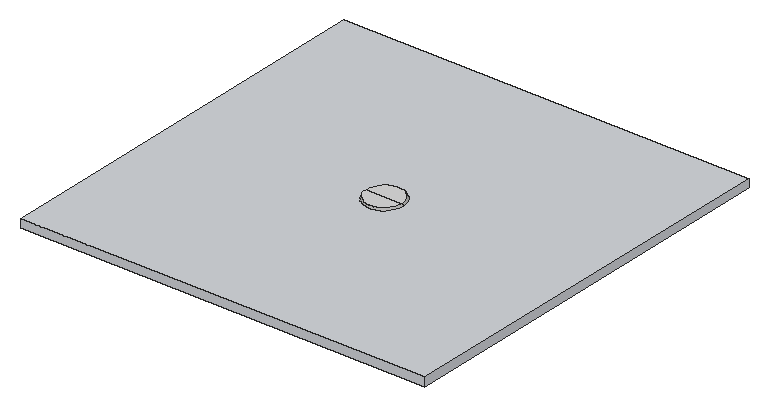
Revit family "Speaker-Ceiling-TOA-F-2322 clean", category Communication Devices, host Face, Revit 2013
Parameters (values of type "5"")
  Width = Grille Diameter  # 9.055"
  Weight Product = 9.48
  Voltage [instance] = 70 V
  URL = "http://www.toaelectronics.com"
  Type Comments = "F-2322C"
  Transformer Option = yes
  Sensitivity = 90
  SPL Measurement Bandwidth = "70 to 20k Hz"
  Regulatory Compliance = "UL"
  Product Page URL = "http://www.toaelectronics.com/products/PA-Speakers/ceiling-speakers/f-series-ceiling-speakers/f-2322c-f-2322cu2"
  Product Name = "F-2322C"
  Product Documentation Link = "http://www.toaelectronics.com/media/f2322cu2_sa1e.pdf"
  Power Factor [instance] = 0.9
  Mounting Options = "Ceiling Reinforcement Ring, Tile Bridge, Trim Ring, Surface Back-Can & Safety Wire"  # constant formula
  Model = Product Name  # "F-2322C"
  Maximum Ceiling Thickness = 1.457"  # constant formula
  Manufacturer URL = "http://www.toaelectronics.com"
  Long Term Power Handling = "120 W"
  Length 2 = 0.050"
  Length 1 = Grille Radius - 0.11811"  # 4.40939"
  IQ Category = "Speaker"
  Highlight Material = Paint - TOA - White
  Height = 7.874"
  Grille Radius = Grille Diameter / 2  # 4.5275"
  Operating Weight = 9.48 lbf
  Offset = 0.000"
  Number of Poles [instance] = 2
  Manufacturer = "TOA Electronics Inc."
  Load Classification = Other
  Grille Material = Mesh - TOA - White
  Grille Diameter = 9.055"
  Grille Height = 0.472"
  Description = "FULL-RANGE CEILING SPEAKER (5”)"
  Default Elevation = 48.000"
  Coverage Vertical = 170.00°
  Coverage Horizontal = 170.00°
  Clip Length = 0.500"
  Body Radius = Body Diameter / 2  # 3.8385"
  Enclosure Material = Metal - TOA - Steel Plate
  Body Diameter = 7.677"
  Assembly Code = "E1020300"
  Apparent Load [instance] = 120 VA
  70V Taps = "30W, 15W, 5W, 1.5W & 0.5W"
  25V Taps = "3.7W, 1.9W, 0.6W, 0.2W & 0.06W"
  100V Taps = "30W, 10W, 3W & 1W"
Reference planes (in)
  plane 1 "Center (Front/Back)": y = 0
  plane 2: z = 0
  plane 3 "Center (Left/Right)": x = 0
  plane 4 "Left": x = -4.5275
  plane 5 "Right": x = 4.5275
  plane 6 "Front": y = -4.5275
  plane 7 "Back": y = 4.5275
  plane 8 "Bottom": z = 0.472
  plane 9 "body left": x = -3.8385
  plane 10 "body right": x = 3.8385
  plane 11 "body front": y = -3.8385
  plane 12 "body back": y = 3.8385
  plane 13 "plate top": z = 0
  plane 14 "body top": z = -7.152
  plane 15 "Speaker CL": x = 0
  plane 16 "support front inside": y = -5.395
  plane 17: x = 0
  plane 18: z = -0.7874
  plane 19 "2d bottom": z = 0.0783
  plane 20 "Top": z = -7.402
Forms (in)
  Extrusion 1, solid
    sketch origin (0, 0, 0) x (1, 0, 0) y (0, 1, 0)
      loop
        line (-48, 48) -> (-48, -48) -> (48, -48) -> (48, 48) -> (-48, 48)
    from 0 to -2
  Extrusion 2, void
    sketch origin (0, 0, -2) x (0, 1, 0) y (-1, 0, 0)
      loop
        circle (0, 0) r 3.8385
    from -6.202 to 2.472
  Revolve 3, solid, material "Metal - TOA - Steel Plate" <- "Enclosure Material"
    sketch origin (0, 0, 0) x (1, 0, 0) y (0, 0, 1)
      loop
        line (0, 0.472) -> (-4.25499, 0.472) -> (-4.5275, 0) -> (0, 0) -> (0, 0.472)
      axis (0, 0.472) -> (0, 0)
    angle from 0 to 360
  Extrusion 4, solid, material "Metal - TOA - Steel Plate" <- "Enclosure Material"
    sketch origin (0, 0, 0) x (1, 0, 0) y (0, 1, 0)
      loop
        line (-2.91086, 0.61145) -> (-2.91086, -0.61145)
        arc (-2.91086, -0.61145) -> (-1.61086, -2.86311) -> (0.98914, -2.86311) r 2.6
        line (0.98914, -2.86311) -> (2.0482, -2.25167)
        arc (2.0482, -2.25167) -> (3.3482, 0) -> (2.0482, 2.25167) r 2.6
        line (2.0482, 2.25167) -> (0.98914, 2.86311)
        arc (0.98914, 2.86311) -> (-1.61086, 2.86311) -> (-2.91086, 0.61145) r 2.6
    from -7.152 to 0
  Extrusion 5, solid, material "Metal - TOA - Steel Plate" <- "Enclosure Material", detail levels medium+fine
    sketch origin (0, 0, 0) x (1, 0, 0) y (0, 1, 0)
      loop
        circle (0, 0) r 3.8385
    from 0 to -0.7874
  Sweep 6, void
    path in 3D
      loop
        arc (-2.91086, 0.61145, -7.152) -> (-1.61086, 2.86311, -7.152) -> (0.98914, 2.86311, -7.152) r 2.6
        line (0.98914, 2.86311, -7.152) -> (2.0482, 2.25167, -7.152)
        arc (2.0482, 2.25167, -7.152) -> (3.3482, 0, -7.152) -> (2.0482, -2.25167, -7.152) r 2.6
        line (2.0482, -2.25167, -7.152) -> (0.98914, -2.86311, -7.152)
        arc (0.98914, -2.86311, -7.152) -> (-1.61086, -2.86311, -7.152) -> (-2.91086, -0.61145, -7.152) r 2.6
        line (-2.91086, -0.61145, -7.152) -> (-2.91086, 0.61145, -7.152)
    profile origin (-2.91086, 0, -7.152) x (1, 0, 0) y (0, 0, -1)
      loop
        line (0, 0) -> (0, -0.5)
        arc (0, -0.5) -> (0.14645, -0.14645) -> (0.5, 0) r 0.5
        line (0.5, 0) -> (0, 0)
  Extrusion 7, solid, material "Metal - TOA - Steel Plate" <- "Enclosure Material", detail levels fine
    sketch origin (0, 0, -7.152) x (0.5, 0.866025, 0) y (0, 0, 1)
      loop
        line (2, 0) -> (2, -0.15)
        arc (2, -0.15) -> (1.98536, -0.18536) -> (1.95, -0.2) r 0.05
        line (1.95, -0.2) -> (1.75, -0.2) -> (1.75, -0.25) -> (1.95, -0.25)
        arc (1.95, -0.25) -> (2.02071, -0.22071) -> (2.05, -0.15) r 0.1
        line (2.05, -0.15) -> (2.05, 0) -> (2, 0)
    from -0.25 to 0.25
Cuts and joins
  Sweep 6 cuts Extrusion 4
Lines and regions (in)
  Masking region 1, detail levels medium+fine
    outline origin (0, 0, 1.514) x (-1, 0, 0) y (0, -1, 0)
      loop
        circle (0, 0) r 4.5275
  Masking region 2
    outline origin (0, 0, -7.152) x (-1, 0, 0) y (0, -1, 0)
      loop
        circle (0, 0) r 3.8385
  Masking region 3
    outline origin (0, 0, 0) x (1, 0, 0) y (0, 0, 1)
      loop
        line (-2.91086, 0) -> (-2.91086, -6.56145)
        arc (-2.91086, -6.56145) -> (-2.73789, -6.97903) -> (-2.32031, -7.152) r 0.59055
        line (-2.32031, -7.152) -> (2.66114, -7.152)
        arc (2.66114, -7.152) -> (3.07872, -6.97903) -> (3.25169, -6.56145) r 0.59055
        line (3.25169, -6.56145) -> (3.25169, 0) -> (4.5275, 0) -> (4.25499, 0.472) -> (-4.25499, 0.472) -> (-4.5275, 0) -> (-2.91086, 0)
  Masking region 4
    outline origin (0, 0, 0) x (0, 1, 0) y (0, 0, 1)
      loop
        line (3.11559, 0) -> (4.5275, 0) -> (4.25499, 0.472) -> (-4.25499, 0.472) -> (-4.5275, 0) -> (-3.12582, 0) -> (-3.12582, -6.56145)
        arc (-3.12582, -6.56145) -> (-2.95285, -6.97903) -> (-2.53527, -7.152) r 0.59055
        line (-2.53527, -7.152) -> (2.52503, -7.152)
        arc (2.52503, -7.152) -> (2.94262, -6.97903) -> (3.11559, -6.56145) r 0.59055
        line (3.11559, -6.56145) -> (3.11559, 0)
  Masking region 5, detail levels medium+fine
    outline origin (0, 0, 0) x (1, 0, 0) y (0, 0, 1)
      loop
        line (-3.8385, 0) -> (-3.8385, -0.7874) -> (3.8385, -0.7874) -> (3.8385, 0) -> (-3.8385, 0)
  Masking region 6, detail levels medium+fine
    outline origin (0, 0, 0) x (0, 1, 0) y (0, 0, 1)
      loop
        line (3.8385, 0) -> (-3.8385, 0) -> (-3.8385, -0.7874) -> (3.8385, -0.7874) -> (3.8385, 0)
  Masking region 7, detail levels medium+fine
    outline origin (0, 0, 0.0783) x (0, -1, 0) y (1, 0, 0)
      loop
        circle (0, 0) r 4.5275
  Masking region 8, detail levels fine
    outline origin (0, 0, 0) x (1, 0, 0) y (0, 0, 1)
      loop
        line (0.78349, -7.152) -> (0.78349, -7.352) -> (0.65849, -7.352) -> (0.65849, -7.402) -> (1.24151, -7.402) -> (1.24151, -7.152) -> (0.78349, -7.152)
  Masking region 9, detail levels fine
    outline origin (0, 0, 0) x (0, 1, 0) y (0, 0, 1)
      loop
        line (1.90035, -7.152) -> (1.60705, -7.152) -> (1.60705, -7.352) -> (1.39054, -7.352) -> (1.39054, -7.402) -> (1.90035, -7.402) -> (1.90035, -7.152)
  symbolic lines
    curve 1: line (-2.91086, 0, 0) -> (3.25169, 0, 0)
    curve 2: line (0, 3.11559, 0) -> (0, -3.12582, 0)
    curve 4: line (0.3502, 0, -7.152) -> (0.6651, 0, -7.152)
    curve 5: line (0, 1.27467, -7.152) -> (0, -1.47533, -7.152)
    curve 12: line (2.0482, 2.25167, -7.152) -> (0.98914, 2.86311, -7.152)
    curve 13: arc (0.98914, 2.86311, -7.152) -> (-1.61086, 2.86311, -7.152) -> (-2.91086, 0.61145, -7.152) r 2.6
    curve 14: line (-2.91086, 0.61145, -7.152) -> (-2.91086, -0.61145, -7.152)
    curve 15: arc (-2.91086, -0.61145, -7.152) -> (-1.61086, -2.86311, -7.152) -> (0.98914, -2.86311, -7.152) r 2.6
    curve 16: line (0.98914, -2.86311, -7.152) -> (2.0482, -2.25167, -7.152)
    curve 17: arc (2.0482, -2.25167, -7.152) -> (3.3482, 0, -7.152) -> (2.0482, 2.25167, -7.152) r 2.6
  symbolic lines, detail levels medium+fine
    curve 3: circle (0, 0, 0.472) r 4.40939 normal (0, 0, 1)
  sketch lines
    curve 6: line (-2.91086, -0.61145, -7.152) -> (-2.91086, 0.61145, -7.152)
    curve 7: arc (-2.91086, -0.61145, -7.152) -> (-1.61086, -2.86311, -7.152) -> (0.98914, -2.86311, -7.152) r 2.6
    curve 8: line (2.0482, -2.25167, -7.152) -> (0.98914, -2.86311, -7.152)
    curve 9: arc (2.0482, -2.25167, -7.152) -> (3.3482, 0, -7.152) -> (2.0482, 2.25167, -7.152) r 2.6
    curve 10: line (0.98914, 2.86311, -7.152) -> (2.0482, 2.25167, -7.152)
    curve 11: arc (0.98914, 2.86311, -7.152) -> (-1.61086, 2.86311, -7.152) -> (-2.91086, 0.61145, -7.152) r 2.6
  reference lines, not visible
    curve 18: line (0, 0, -7.152) -> (1, 1.73205, -7.152)
  symbolic lines, detail levels fine
    curve 19: line (1.09151, 0, -7.352) -> (1.09151, 0, -7.402)
    curve 20: line (0.78349, 0, -7.352) -> (1.21651, 0, -7.352)
    curve 21: line (1.21651, 0, -7.352) -> (1.21651, 0, -7.152)
    curve 22: line (0, 1.85705, -7.152) -> (0, 1.85705, -7.352)
    curve 23: line (0, 1.85705, -7.352) -> (0, 1.60705, -7.352)
    curve 24: line (0, 1.64054, -7.352) -> (0, 1.64054, -7.402)
    curve 25: line (0.80849, 1.90035, -7.152) -> (1.24151, 1.65035, -7.152)
    curve 26: line (1.24151, 1.65035, -7.152) -> (1.09151, 1.39054, -7.152)
    curve 27: line (1.09151, 1.39054, -7.152) -> (0.65849, 1.64054, -7.152)
    curve 28: line (0.65849, 1.64054, -7.152) -> (0.80849, 1.90035, -7.152)
Dimensions and locks (in)
  equal spacing: plane 4 "Left", plane 15 "Speaker CL", plane 5 "Right"
  "Width": plane 4 "Left" to plane 5 "Right"
  equal spacing: plane 7 "Back", plane 1 "Center (Front/Back)", plane 6 "Front"
  "Width": plane 7 "Back" to plane 6 "Front"
  equal spacing: plane 9 "body left", plane 15 "Speaker CL", plane 10 "body right"
  "Body Diameter": plane 9 "body left" to plane 10 "body right"
  equal spacing: plane 12 "body back", plane 1 "Center (Front/Back)", plane 11 "body front"
  "Body Diameter": plane 12 "body back" to plane 11 "body front"
  "Grille Height": plane 8 "Bottom" to plane 13 "plate top"
  "Offset": plane 13 "plate top" to level
  locked: level to plane 18 at 0.7874
  locked: plane 8 "Bottom" to plane 19 "2d bottom" at 0.3937
  locked: plane 14 "body top" to plane 20 "Top" at 0.25
  "Height": plane 8 "Bottom" to plane 20 "Top"
  locked: curve 18 to curve 18 at 2
  "Length 2": Extrusion 7 sketch curve to Extrusion 7 sketch curve  (x2)
  locked: Extrusion 7 sketch curve to Extrusion 7 sketch curve at 0.25
  locked: Extrusion 7 sketch curve to Extrusion 7 sketch curve at 0.3
  "Body Radius": radius of Extrusion 2 sketch curve
  "Grille Radius": radius of Masking region 1 sketch curve
  "Body Radius": radius of Masking region 2 sketch curve
  "Body Radius": radius of Extrusion 5 sketch curve
  radius of Masking region 4 sketch curve = 0.59055"  (x2)
  "Grille Radius": radius of Masking region 7 sketch curve
  "Length 1": radius of curve 3
  radius of Extrusion 4 sketch curve = 2.600"  (x3)
  radius of Extrusion 7 sketch curve = 0.100"
  radius of Extrusion 7 sketch curve = 0.050"
  locked: Extrusion 4 sketch curve to plane 1 "Center (Front/Back)" (angle 30.00°)
  locked: plane 1 "Center (Front/Back)" to Extrusion 4 sketch curve (angle 30.00°)
  locked: plane 1 "Center (Front/Back)" to curve 18 (angle 60.00°)
  aligned and locked: plane 2 to Extrusion 1
  aligned and locked: level to Extrusion 1
  aligned and locked: plane 15 "Speaker CL" to Extrusion 2 sketch curve
  aligned and locked: plane 1 "Center (Front/Back)" to Extrusion 2 sketch curve
  aligned and locked: plane 8 "Bottom" to Extrusion 2
  aligned and locked: Revolve 3 sketch curve to plane 15 "Speaker CL"
  aligned and locked: plane 13 "plate top" to Revolve 3 sketch curve
  aligned and locked: Revolve 3 sketch curve to Revolve 3 sketch curve
  aligned and locked: plane 4 "Left" to Revolve 3 sketch curve
  aligned and locked: plane 15 "Speaker CL" to plane 17
  aligned and locked: plane 15 "Speaker CL" to Masking region 1 sketch curve
  aligned and locked: plane 1 "Center (Front/Back)" to Masking region 1 sketch curve
  aligned and locked: plane 15 "Speaker CL" to Masking region 2 sketch curve
  aligned and locked: plane 1 "Center (Front/Back)" to Masking region 2 sketch curve
  aligned and locked: plane 13 "plate top" to Masking region 3 sketch curve
  aligned and locked: Masking region 3 sketch curve to plane 13 "plate top"
  aligned and locked: Masking region 3 sketch curve to plane 14 "body top"
  aligned and locked: plane 13 "plate top" to Masking region 4 sketch curve
  aligned and locked: Masking region 4 sketch curve to plane 13 "plate top"
  aligned and locked: plane 6 "Front" to Masking region 4 sketch curve
  aligned and locked: plane 7 "Back" to Masking region 4 sketch curve
  aligned and locked: plane 3 "Center (Left/Right)" to nested 1
  aligned and locked: Extrusion 4 to plane 14 "body top"
  aligned and locked: plane 13 "plate top" to Extrusion 4
  aligned and locked: plane 15 "Speaker CL" to Extrusion 5 sketch curve
  aligned and locked: plane 1 "Center (Front/Back)" to Extrusion 5 sketch curve
  aligned and locked: Extrusion 5 to level
  aligned and locked: Extrusion 5 to plane 18
  aligned and locked: plane 4 "Left" to Masking region 3 sketch curve
  aligned and locked: plane 5 "Right" to Masking region 3 sketch curve
  aligned and locked: plane 18 to Masking region 5 sketch curve
  aligned and locked: Masking region 5 sketch curve to plane 13 "plate top"
  aligned and locked: plane 9 "body left" to Masking region 5 sketch curve
  aligned and locked: Masking region 5 sketch curve to plane 10 "body right"
  aligned and locked: Masking region 4 sketch curve to plane 14 "body top"
  aligned and locked: Masking region 6 sketch curve to plane 12 "body back"
  aligned and locked: plane 11 "body front" to Masking region 6 sketch curve
  aligned and locked: Masking region 6 sketch curve to plane 13 "plate top"
  aligned and locked: plane 18 to Masking region 6 sketch curve
  aligned and locked: plane 17 to Masking region 7 sketch curve
  aligned and locked: plane 1 "Center (Front/Back)" to Masking region 7 sketch curve
  aligned and locked: plane 17 to curve 3
  aligned and locked: plane 1 "Center (Front/Back)" to curve 3
  aligned and locked: plane 3 "Center (Left/Right)" to plane 15 "Speaker CL"
  aligned and locked: plane 3 "Center (Left/Right)" to plane 17
  aligned and locked: Masking region 3 sketch curve to plane 8 "Bottom"
  aligned and locked: curve 13 to cut or joined group of Extrusion 4, Sweep 6
  aligned and locked: curve 15 to cut or joined group of Extrusion 4, Sweep 6
  aligned and locked: curve 17 to cut or joined group of Extrusion 4, Sweep 6
  aligned and locked: Masking region 4 sketch curve to plane 8 "Bottom"
  aligned and locked: plane 17 to curve 18
  aligned and locked: plane 1 "Center (Front/Back)" to curve 18
  aligned and locked: Extrusion 7 sketch curve to curve 18  (x2)
  aligned and locked: plane 14 "body top" to Masking region 8 sketch curve
  aligned and locked: Masking region 8 sketch curve to Extrusion 7  (x3)
  aligned and locked: Extrusion 7 to Masking region 8 sketch curve
  aligned and locked: Masking region 8 sketch curve to plane 20 "Top"
  aligned and locked: curve 19 to Extrusion 7
  aligned and locked: curve 21 to Extrusion 7
  aligned and locked: curve 20 to Extrusion 7
  aligned and locked: Masking region 9 sketch curve to Extrusion 7  (x4)
  aligned and locked: Masking region 9 sketch curve to plane 20 "Top"
  aligned and locked: plane 14 "body top" to Masking region 9 sketch curve
  aligned and locked: curve 23 to Masking region 9
  aligned and locked: curve 22 to Extrusion 7
  aligned and locked: plane 14 "body top" to curve 22
  aligned and locked: Masking region 9 to curve 23
  aligned and locked: plane 14 "body top" to curve 21
  aligned and locked: curve 25 to Extrusion 7
  aligned and locked: curve 26 to Extrusion 7
  aligned and locked: curve 27 to Extrusion 7
  aligned and locked: curve 28 to Extrusion 7
Automatic sketch dimensions
  Extrusion 1 sketch curve to Extrusion 1 sketch curve = 96.000"  (x2)
  Revolve 3 sketch curve to Revolve 3 sketch curve = 4.13199"
  Revolve 3 sketch curve to plane 8 "Bottom" = 0.000"
  plane 4 "Left" to Revolve 3 sketch curve = 0.27251"
  Revolve 3 sketch curve to plane 14 "body top" = 23.1349"
  plane 9 "body left" to Masking region 3 sketch curve = 0.92764"
  Masking region 3 sketch curve to Masking region 3 sketch curve = 0.59055"
  Masking region 3 sketch curve to plane 10 "body right" = 0.58681"
  plane 4 "Left" to Masking region 3 sketch curve = 0.27251"
  Masking region 3 sketch curve to plane 5 "Right" = 0.27251"
  plane 11 "body front" to Extrusion 4 sketch curve = 0.97539"
  plane 1 "Center (Front/Back)" to Extrusion 4 sketch curve = 0.000"
  Extrusion 4 sketch curve to plane 12 "body back" = 0.97539"
  plane 11 "body front" to Extrusion 4 sketch curve = 1.58683"
  Extrusion 4 sketch curve to plane 12 "body back" = 1.58683"
  Extrusion 4 sketch curve to plane 3 "Center (Left/Right)" = 0.31086"
  plane 3 "Center (Left/Right)" to Extrusion 4 sketch curve = 0.7482"
  Sweep 6 sketch curve to profile plane = 0.000"
  profile plane to Sweep 6 sketch curve = 0.000"
  Sweep 6 sketch curve to profile plane = 0.500"
  curve 16 to plane 10 "body right" = 1.7903"
  curve 12 to plane 12 "body back" = 0.97539"
  plane 3 "Center (Left/Right)" to curve 16 = 0.98914"
  curve 13 to curve 12 = 0.61145"
  plane 11 "body front" to Masking region 4 sketch curve = 0.71268"
  plane 6 "Front" to Masking region 4 sketch curve = 0.27251"
  Masking region 4 sketch curve to Masking region 4 sketch curve = 1.1394"
  Masking region 4 sketch curve to plane 7 "Back" = 0.27251"
  Masking region 3 sketch curve to plane 10 "body right" = 1.17736"
  curve 1 to level = 0.000"
  curve 4 to plane 14 "body top" = 0.000"
  curve 19 to plane 20 "Top" = 0.000"
  plane 9 "body left" to curve 1 = 0.92764"
  plane 3 "Center (Left/Right)" to curve 4 = 0.3502"
  curve 4 to curve 4 = 0.31491"
  curve 4 to curve 20 = 0.11839"
  curve 1 to plane 10 "body right" = 0.58681"
  curve 2 to level = 0.000"
  curve 5 to plane 14 "body top" = 0.000"
  curve 24 to plane 20 "Top" = 0.000"
  plane 11 "body front" to curve 2 = 0.71268"
  plane 1 "Center (Front/Back)" to curve 5 = 1.47533"
  curve 5 to curve 23 = 0.33238"
  curve 23 to curve 24 = 0.03349"
  curve 2 to plane 12 "body back" = 0.72291"
Nested families (in)
  nested 1: "Speaker_Symbol_Face_Based" at (0, 0, 0), type "Speaker Symbol", detail levels coarse
    with Wall Mounted no, Symbol Y Offset 0.000", Symbol X Offset 0.000", Length 2 100.000", Length 1 100.000"
Connectors (in)
  electrical at (0, 0, -7.152), driven by "Number of Poles", driven by "Load Classification", driven by "Voltage", driven by "Apparent Load", driven by "Power Factor"
    settings: index 1, voltage 70 V, apparent load 120 VA, apparent load phase1 0 VA, apparent load phase2 0 VA, apparent load phase3 0 VA, power factor 0.9, load classification "Other", number of poles 2, system type 30, power factor state 1, is connector primary yes, connector utility no, sub classification motor no, connector description "Power"
Definition of nested family "Speaker_Symbol_Face_Based"
  Parameters (values of type "Speaker Symbol")
    Wall Mounted [instance] = no
    Symbol Y Offset [instance] = 0.000"
    Symbol X Offset [instance] = 0.000"
    Length 2 [instance] = 100.000" + Symbol Y Offset  # 100.000"
    Length 1 [instance] = Symbol X Offset + 100.000"  # 100.000"
    Default Elevation = 48.000"
  Reference planes (in)
    plane 1 "Center (Front/Back)": y = 0
    plane 2: z = 0
    plane 3 "Center (Left/Right)": x = 0
    plane 4 "pivot x": x = -100
    plane 5 "symbol x cl": x = 0
    plane 6 "pivot y": y = -100
    plane 7 "symbol y cl": y = 0
  Forms (in)
    Extrusion 1, solid
      sketch origin (0, 0, 0) x (1, 0, 0) y (0, 1, 0)
        loop
          line (-48, 48) -> (-48, -48) -> (48, -48) -> (48, 48) -> (-48, 48)
      from 0 to -12
  Dimensions and locks (in)
    locked: plane 4 "pivot x" to plane 3 "Center (Left/Right)" at 100
    "Length 1": plane 4 "pivot x" to plane 5 "symbol x cl"
    locked: plane 1 "Center (Front/Back)" to plane 6 "pivot y" at 100
    "Length 2": plane 7 "symbol y cl" to plane 6 "pivot y"
    aligned and locked: plane 2 to Extrusion 1
    aligned and locked: level to Extrusion 1
    aligned and locked: plane 5 "symbol x cl" to nested 1
    aligned and locked: nested 1 to plane 7 "symbol y cl"
  Automatic sketch dimensions
    Extrusion 1 sketch curve to Extrusion 1 sketch curve = 96.000"  (x2)
  Nested families (in)
    nested 1: "Speaker_Symbol" at (0, 0, 0), Wall Mounted <- "Wall Mounted", type "S"
      with Wall Mounted no, Not Wall Mounted yes, Length 1 0.000"
  Definition of nested family "Speaker_Symbol"
    Parameters (values of type "S")
      Wall Mounted [instance] = yes
      Symbol Text = "SP"
      Symbol Radius = 0.1875"
      Not Wall Mounted [instance] = not(Wall Mounted)  # no
      Length 1 [instance] = if(Wall Mounted, 0.250", 0.000")  # 0.250"
    Reference planes (in)
      plane 1: y = 0
      plane 2: x = 0
    Lines and regions (in)
      Masking region 1
        outline origin (0, 0, 0) x (1, 0, 0) y (0, 1, 0)
          loop
            circle (0, 0.25) r 0.1875
      detail lines, visible <- "Wall Mounted"
        curve 1: line (-0.125, 0, 0) -> (0.125, 0, 0)
        curve 2: line (0, 0, 0) -> (0, 0.0625, 0)
    Text (in)
      label "S" at (0.00112, 0.31502, 0), shows "Symbol Text", visible <- "Wall Mounted"
      label "S" at (0.00112, 0.07558, 0), shows "Symbol Text", visible <- "Not Wall Mounted"
    Dimensions and locks (in)
      "Length 1": plane 1 to Masking region 1 sketch curve
      "Symbol Radius": radius of Masking region 1 sketch curve
      aligned and locked: plane 2 to Masking region 1 sketch curve
      aligned and locked: curve 1 to curve 2
      aligned and locked: curve 2 to plane 2
      aligned and locked: plane 1 to curve 1
    Automatic sketch dimensions
      curve 1 to plane 2 = 0.125"
      plane 2 to curve 1 = 0.125"
      curve 2 to curve 2 = 0.0625"
